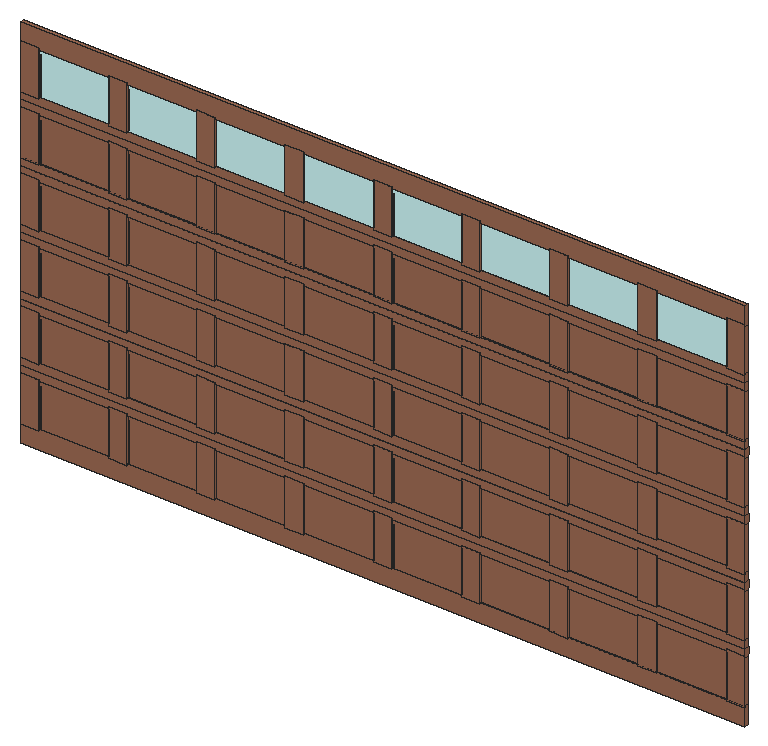
Revit family "GDBL E 48P GT CRV", category Doors, host Wall, Revit 2013 (continued)
Automatic sketch dimensions
  plane 2 "Center (Left/Right)" to Extrusion 39 sketch curve = 62.5 mm
  Extrusion 39 sketch curve to Extrusion 39 sketch curve = 10 mm
  Extrusion 39 sketch curve to Extrusion 39 sketch curve = 477 mm
  host wall to Extrusion 40 sketch curve = 15 mm
  plane 2 "Center (Left/Right)" to Extrusion 40 sketch curve = 664.5 mm
  Extrusion 40 sketch curve to Extrusion 40 sketch curve = 10 mm
  Extrusion 40 sketch curve to Extrusion 40 sketch curve = 477 mm
  host wall to Extrusion 41 sketch curve = 15 mm
  plane 4 "Right" to Extrusion 41 sketch curve = 1173.8 mm
  Extrusion 41 sketch curve to Extrusion 41 sketch curve = 10 mm
  Extrusion 41 sketch curve to Extrusion 41 sketch curve = 477 mm
  host wall to Extrusion 42 sketch curve = 15 mm
  plane 4 "Right" to Extrusion 42 sketch curve = 571.8 mm
  Extrusion 42 sketch curve to Extrusion 42 sketch curve = 10 mm
  plane 4 "Right" to Extrusion 42 sketch curve = 94.8 mm
  host wall to Extrusion 43 sketch curve = 15 mm
  Extrusion 43 sketch curve to plane 3 "Left" = 95 mm
  Extrusion 43 sketch curve to Extrusion 43 sketch curve = 10 mm
  Extrusion 43 sketch curve to Extrusion 43 sketch curve = 477 mm
  host wall to Extrusion 44 sketch curve = 15 mm
  Extrusion 44 sketch curve to plane 3 "Left" = 697 mm
  Extrusion 44 sketch curve to Extrusion 44 sketch curve = 10 mm
  Extrusion 44 sketch curve to Extrusion 44 sketch curve = 477 mm
  host wall to Extrusion 45 sketch curve = 15 mm
  Extrusion 45 sketch curve to plane 2 "Center (Left/Right)" = 1141.2 mm
  Extrusion 45 sketch curve to Extrusion 45 sketch curve = 10 mm
  Extrusion 45 sketch curve to Extrusion 45 sketch curve = 477 mm
  host wall to Extrusion 46 sketch curve = 15 mm
  Extrusion 46 sketch curve to plane 2 "Center (Left/Right)" = 539.2 mm
  Extrusion 46 sketch curve to Extrusion 46 sketch curve = 10 mm
  Extrusion 46 sketch curve to plane 2 "Center (Left/Right)" = 62.2 mm
  host wall to Extrusion 47 sketch curve = 15 mm
  plane 2 "Center (Left/Right)" to Extrusion 47 sketch curve = 62.5 mm
  Extrusion 47 sketch curve to Extrusion 47 sketch curve = 10 mm
  Extrusion 47 sketch curve to Extrusion 47 sketch curve = 477 mm
  host wall to Extrusion 48 sketch curve = 15 mm
  plane 2 "Center (Left/Right)" to Extrusion 48 sketch curve = 664.5 mm
  Extrusion 48 sketch curve to Extrusion 48 sketch curve = 10 mm
  Extrusion 48 sketch curve to Extrusion 48 sketch curve = 477 mm
  host wall to Extrusion 49 sketch curve = 15 mm
  plane 4 "Right" to Extrusion 49 sketch curve = 1173.8 mm
  Extrusion 49 sketch curve to Extrusion 49 sketch curve = 10 mm
  Extrusion 49 sketch curve to Extrusion 49 sketch curve = 477 mm
  host wall to Extrusion 50 sketch curve = 15 mm
  plane 4 "Right" to Extrusion 50 sketch curve = 571.8 mm
  Extrusion 50 sketch curve to Extrusion 50 sketch curve = 10 mm
  plane 4 "Right" to Extrusion 50 sketch curve = 94.8 mm
  host wall to Extrusion 51 sketch curve = 15 mm
  Extrusion 51 sketch curve to plane 3 "Left" = 95 mm
  Extrusion 51 sketch curve to Extrusion 51 sketch curve = 10 mm
  Extrusion 51 sketch curve to Extrusion 51 sketch curve = 477 mm
  host wall to Extrusion 52 sketch curve = 15 mm
  Extrusion 52 sketch curve to plane 3 "Left" = 697 mm
  Extrusion 52 sketch curve to Extrusion 52 sketch curve = 10 mm
  Extrusion 52 sketch curve to Extrusion 52 sketch curve = 477 mm
  host wall to Extrusion 53 sketch curve = 15 mm
  Extrusion 53 sketch curve to plane 2 "Center (Left/Right)" = 1141.2 mm
  Extrusion 53 sketch curve to Extrusion 53 sketch curve = 10 mm
  Extrusion 53 sketch curve to Extrusion 53 sketch curve = 477 mm
  host wall to Extrusion 54 sketch curve = 15 mm
  Extrusion 54 sketch curve to plane 2 "Center (Left/Right)" = 539.2 mm
  Extrusion 54 sketch curve to Extrusion 54 sketch curve = 10 mm
  Extrusion 54 sketch curve to plane 2 "Center (Left/Right)" = 62.2 mm
  host wall to Extrusion 55 sketch curve = 15 mm
  plane 2 "Center (Left/Right)" to Extrusion 55 sketch curve = 62.5 mm
  Extrusion 55 sketch curve to Extrusion 55 sketch curve = 10 mm
  Extrusion 55 sketch curve to Extrusion 55 sketch curve = 477 mm
  host wall to Extrusion 56 sketch curve = 15 mm
  plane 2 "Center (Left/Right)" to Extrusion 56 sketch curve = 664.5 mm
  Extrusion 56 sketch curve to Extrusion 56 sketch curve = 10 mm
  Extrusion 56 sketch curve to Extrusion 56 sketch curve = 477 mm
  host wall to Extrusion 57 sketch curve = 15 mm
  plane 4 "Right" to Extrusion 57 sketch curve = 1173.8 mm
  Extrusion 57 sketch curve to Extrusion 57 sketch curve = 10 mm
  Extrusion 57 sketch curve to Extrusion 57 sketch curve = 477 mm
  host wall to Extrusion 58 sketch curve = 15 mm
  plane 4 "Right" to Extrusion 58 sketch curve = 571.8 mm
  Extrusion 58 sketch curve to Extrusion 58 sketch curve = 10 mm
  plane 4 "Right" to Extrusion 58 sketch curve = 94.8 mm
  host wall to Extrusion 59 sketch curve = 15 mm
  Extrusion 59 sketch curve to plane 3 "Left" = 95 mm
  Extrusion 59 sketch curve to Extrusion 59 sketch curve = 10 mm
  Extrusion 59 sketch curve to Extrusion 59 sketch curve = 477 mm
  host wall to Extrusion 60 sketch curve = 15 mm
  Extrusion 60 sketch curve to plane 3 "Left" = 697 mm
  Extrusion 60 sketch curve to Extrusion 60 sketch curve = 10 mm
  Extrusion 60 sketch curve to Extrusion 60 sketch curve = 477 mm
  host wall to Extrusion 61 sketch curve = 15 mm
  Extrusion 61 sketch curve to plane 2 "Center (Left/Right)" = 1141.2 mm
  Extrusion 61 sketch curve to Extrusion 61 sketch curve = 10 mm
  Extrusion 61 sketch curve to Extrusion 61 sketch curve = 477 mm
  host wall to Extrusion 62 sketch curve = 15 mm
  Extrusion 62 sketch curve to plane 2 "Center (Left/Right)" = 539.2 mm
  Extrusion 62 sketch curve to Extrusion 62 sketch curve = 10 mm
  Extrusion 62 sketch curve to plane 2 "Center (Left/Right)" = 62.2 mm
  host wall to Extrusion 63 sketch curve = 15 mm
  plane 2 "Center (Left/Right)" to Extrusion 63 sketch curve = 62.5 mm
  Extrusion 63 sketch curve to Extrusion 63 sketch curve = 10 mm
  Extrusion 63 sketch curve to Extrusion 63 sketch curve = 477 mm
  host wall to Extrusion 64 sketch curve = 15 mm
  plane 2 "Center (Left/Right)" to Extrusion 64 sketch curve = 664.5 mm
  Extrusion 64 sketch curve to Extrusion 64 sketch curve = 10 mm
  Extrusion 64 sketch curve to Extrusion 64 sketch curve = 477 mm
  host wall to Extrusion 65 sketch curve = 15 mm
  plane 4 "Right" to Extrusion 65 sketch curve = 1173.8 mm
  Extrusion 65 sketch curve to Extrusion 65 sketch curve = 10 mm
  Extrusion 65 sketch curve to Extrusion 65 sketch curve = 477 mm
  host wall to Extrusion 66 sketch curve = 15 mm
  plane 4 "Right" to Extrusion 66 sketch curve = 571.8 mm
  Extrusion 66 sketch curve to Extrusion 66 sketch curve = 10 mm
  plane 4 "Right" to Extrusion 66 sketch curve = 94.8 mm
